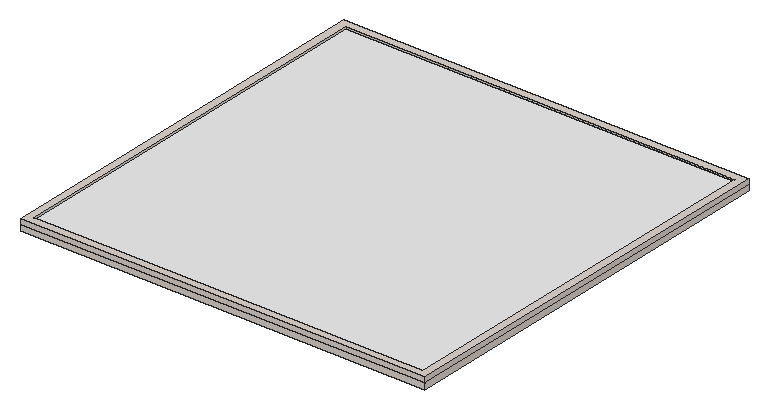
Revit family "SKY LED FLAT PANEL", category Lighting Fixtures, host Face, Revit 2020 (continued)
Types (13): name | Wattage | WATTS | built-in parameter 1150134 | Replaces/Equiv.(MH) | Photometric Web File | Order number | built-in parameter 1150142 | Model | built-in parameter 1150105 | Lumens | built-in parameter 1150107 | built-in parameter 1150106 | Fixture Width | Fixture Length | Default Elevation | Apparent Load
  SFLP24D3830 | 23.5624 W | 38 W | (empty or 0) | "2 x 32W FL" | "SFLP24D3830.IES" | "14219K" | "IESNA:LM-63-2002\r\n[TEST] \r\n[TESTLAB] EVERFINE\r\n[TESTDATE] 2018-08-07\r\n[ISSUEDATE] 2019-05-15 15:10:52\r\n[NEARFIELD] \r\n[LAMPPOSITION] 0,0\r\n[OTHER] EVERFINE GO-2000B_V1 SYSTEM\r\n[MANUFAC] Above All Lighting\r\n[LUMINAIRE] FLB 2002/1000WHQI\r\n[LAMP] 12611-SFLP24D3830\r\n[OTHER] \r\n[OTHER] Gamma(deg)    Fz(lm)      Ft(lm)     %Lum    %Lamp\r\n[OTHER]   0- 10       115.31      115.31     3.21     3.21\r\n[OTHER]  10- 20       331.94      447.25    12.46    12.46\r\n[OTHER]  20- 30       506.72      953.98    26.57    26.57\r\n[OTHER]  30- 40       614.76     1568.74    43.69    43.69\r\n[OTHER]  40- 50       640.78     2209.51    61.53    61.53\r\n[OTHER]  50- 60       581.84     2791.36    77.74    77.74\r\n[OTHER]  60- 70       446.74     3238.09    90.18    90.18\r\n[OTHER]  70- 80       261.64     3499.73    97.47    97.47\r\n[OTHER]  80- 90        75.90     3575.62    99.58    99.58\r\n[OTHER]  90-100         1.56     3577.19    99.62    99.62\r\n[OTHER] 100-110         2.06     3579.25    99.68    99.68\r\n[OTHER] 110-120         2.43     3581.67    99.75    99.75\r\n[OTHER] 120-130         2.43     3584.10    99.82    99.82\r\n[OTHER] 130-140         2.17     3586.27    99.88    99.88\r\n[OTHER] 140-150         1.82     3588.09    99.93    99.93\r\n[OTHER] 150-160         1.40     3589.49    99.97    99.97\r\n[OTHER] 160-170         0.89     3590.38    99.99    99.99\r\n[OTHER] 170-180         0.30     3590.68   100.00   100.00\r\n[OTHER] \r\nTILT=NONE\r\n1 3590.7 1 181 37 1 2 0.000 0.000 0.000\r\n1.000 1 34.3\r\n0.0    1.0    2.0    3.0    4.0    5.0    6.0    7.0    8.0    9.0    \r\n 10.0   11.0   12.0   13.0   14.0   15.0   16.0   17.0   18.0   19.0   \r\n 20.0   21.0   22.0   23.0   24.0   25.0   26.0   27.0   28.0   29.0   \r\n 30.0   31.0   32.0   33.0   34.0   35.0   36.0   37.0   38.0   39.0   \r\n 40.0   41.0   42.0   43.0   44.0   45.0   46.0   47.0   48.0   49.0   \r\n 50.0   51.0   52.0   53.0   54.0   55.0   56.0   57.0   58.0   59.0   \r\n 60.0   61.0   62.0   63.0   64.0   65.0   66.0   67.0   68.0   69.0   \r\n 70.0   71.0   72.0   73.0   74.0   75.0   76.0   77.0   78.0   79.0   \r\n 80.0   81.0   82.0   83.0   84.0   85.0   86.0   87.0   88.0   89.0   \r\n 90.0   91.0   92.0   93.0   94.0   95.0   96.0   97.0   98.0   99.0   \r\n 100.0  101.0  102.0  103.0  104.0  105.0  106.0  107.0  108.0  109.0  \r\n 110.0  111.0  112.0  113.0  114.0  115.0  116.0  117.0  118.0  119.0  \r\n 120.0  121.0  122.0  123.0  124.0  125.0  126.0  127.0  128.0  129.0  \r\n 130.0  131.0  132.0  133.0  134.0  135.0  136.0  137.0  138.0  139.0  \r\n 140.0  141.0  142.0  143.0  144.0  145.0  146.0  147.0  148.0  149.0  \r\n 150.0  151.0  152.0  153.0  154.0  155.0  156.0  157.0  158.0  159.0  \r\n 160.0  161.0  162.0  163.0  164.0  165.0  166.0  167.0  168.0  169.0  \r\n 170.0  171.0  172.0  173.0  174.0  175.0  176.0  177.0  178.0  179.0  \r\n 180.0  \r\n0.0    10.0   20.0   30.0   40.0   50.0   60.0   70.0   80.0   90.0   \r\n 100.0  110.0  120.0  130.0  140.0  150.0  160.0  170.0  180.0  190.0  \r\n 200.0  210.0  220.0  230.0  240.0  250.0  260.0  270.0  280.0  290.0  \r\n 300.0  310.0  320.0  330.0  340.0  350.0  360.0  \r\n1216.96  1217.39  1215.48  1213.67  1211.01  1208.99  1206.16  1203.56  1199.53  1196.81  \r\n 1194.22  1188.83  1184.34  1181.07  1176.09  1171.49  1165.74  1159.31  1153.69  1148.83  \r\n 1141.22  1133.66  1127.30  1118.70  1111.48  1101.91  1092.96  1083.62  1074.29  1063.43  \r\n 1053.32  1041.35  1029.89  1018.05  1004.04  990.90   978.00   963.26   947.97   934.52   \r\n 918.20   903.22   887.36   870.48   853.91   837.17   820.49   802.70   784.29   767.09   \r\n 748.23   729.81   711.26   692.20   672.79   653.89   634.68   614.39   594.58   574.91   \r\n 554.13   534.04   513.03   492.88   471.58   451.17   430.24   409.70   388.63   367.56   \r\n 346.37   325.41   304.35   283.86   263.47   242.86   223.05   202.87   184.05   164.56   \r\n 146.10   127.65   109.84   92.77    76.22    60.77    45.63    32.26    19.17    7.41     \r\n 1.07     1.07     1.14     1.22     1.30     1.37     1.44     1.52     1.59     1.66     \r\n 1.73     1.80     1.87     1.94     2.00     2.07     2.12     2.18     2.22     2.28     \r\n 2.32     2.37     2.41     2.45     2.48     2.52     2.55     2.58     2.60     2.63     \r\n 2.65     2.67     2.69     2.70     2.72     2.73     2.74     2.75     2.75     2.76     \r\n 2.76     2.77     2.77     2.77     2.77     2.77     2.77     2.78     2.78     2.78     \r\n 2.78     2.78     2.79     2.79     2.78     2.77     2.76     2.75     2.75     2.74     \r\n 2.74     2.74     2.74     2.74     2.74     2.75     2.75     2.76     2.77     2.77     \r\n 2.78     2.80     2.82     2.83     2.85     2.86     2.88     2.90     2.92     2.94     \r\n 2.96     2.98     3.00     3.02     3.03     3.05     3.06     3.07     3.08     3.08     \r\n 3.08     \r\n1216.96  1215.58  1214.45  1211.86  1210.84  1207.57  1205.79  1202.60  1200.45  1196.27  \r\n 1193.13  1188.14  1184.94  1180.30  1176.46  1169.50  1164.82  1158.55  1153.88  1148.23  \r\n 1141.62  1133.46  1125.05  1118.09  1109.47  1101.18  1093.29  1082.66  1073.12  1061.80  \r\n 1050.27  1038.66  1026.27  1014.44  1000.35  986.84   973.29   958.45   943.97   928.37   \r\n 912.29   897.09   881.36   864.92   847.51   830.45   813.55   795.64   777.87   760.29   \r\n 742.06   723.42   704.57   685.87   666.43   647.65   628.23   608.62   587.87   568.54   \r\n 548.20   527.91   507.52   487.18   466.37   445.38   425.08   403.49   383.47   361.56   \r\n 341.77   320.34   299.97   278.79   258.68   238.54   218.68   198.83   179.66   160.71   \r\n 142.06   123.99   106.43   89.40    72.91    57.92    43.25    29.74    17.04    5.51     \r\n 1.18     1.11     1.16     1.23     1.30     1.37     1.44     1.52     1.59     1.66     \r\n 1.73     1.80     1.87     1.94     2.00     2.05     2.11     2.16     2.21     2.27     \r\n 2.31     2.35     2.39     2.42     2.45     2.49     2.51     2.54     2.56     2.59     \r\n 2.60     2.62     2.63     2.65     2.66     2.67     2.67     2.68     2.68     2.68     \r\n 2.69     2.69     2.69     2.69     2.69     2.70     2.70     2.70     2.71     2.71     \r\n 2.72     2.72     2.72     2.71     2.71     2.71     2.70     2.70     2.70     2.70     \r\n 2.70     2.70     2.70     2.71     2.71     2.72     2.73     2.74     2.75     2.76     \r\n 2.77     2.79     2.81     2.83     2.85     2.87     2.89     2.90     2.92     2.95     \r\n 2.96     2.99     3.00     3.02     3.04     3.05     3.06     3.07     3.07     3.07     \r\n 3.08     \r\n1216.96  1215.25  1214.70  1212.09  1210.56  1208.54  1205.77  1203.22  1200.08  1196.22  \r\n 1194.39  1190.06  1185.68  1179.98  1175.48  1172.08  1166.59  1159.30  1153.75  1146.17  \r\n 1140.54  1133.31  1125.25  1118.21  1108.91  1100.67  1090.18  1081.25  1070.01  1060.57  \r\n 1049.80  1037.02  1025.16  1011.97  999.43   984.09   970.52   956.83   940.48   926.29   \r\n 910.36   893.99   878.78   861.33   845.03   829.04   812.04   793.85   776.14   758.05   \r\n 739.58   722.06   703.71   683.92   665.54   646.05   626.83   606.89   588.05   567.75   \r\n 547.51   527.65   507.30   486.52   465.84   445.45   424.15   403.99   383.11   362.19   \r\n 341.72   320.53   300.37   279.49   259.64   238.85   219.80   199.45   180.69   161.70   \r\n 143.46   125.23   107.68   90.68    74.44    59.01    44.11    30.63    17.31    6.21     \r\n 1.15     1.16     1.24     1.30     1.33     1.37     1.44     1.51     1.58     1.65     \r\n 1.72     1.79     1.86     1.92     1.98     2.04     2.09     2.15     2.20     2.24     \r\n 2.29     2.33     2.37     2.40     2.44     2.47     2.49     2.52     2.54     2.56     \r\n 2.58     2.59     2.60     2.62     2.62     2.63     2.64     2.65     2.65     2.65     \r\n 2.65     2.65     2.66     2.66     2.66     2.66     2.66     2.66     2.66     2.66     \r\n 2.66     2.66     2.66     2.65     2.65     2.65     2.65     2.65     2.66     2.66     \r\n 2.66     2.67     2.67     2.68     2.69     2.70     2.71     2.72     2.73     2.74     \r\n 2.76     2.77     2.79     2.81     2.83     2.85     2.87     2.89     2.91     2.93     \r\n 2.94     2.95     2.96     2.97     2.98     2.98     3.00     3.00     3.01     3.03     \r\n 3.08     \r\n1216.96  1217.87  1217.10  1215.13  1212.42  1211.46  1209.70  1205.42  1203.03  1199.56  \r\n 1196.24  1191.65  1187.21  1181.80  1177.18  1171.18  1166.39  1160.07  1152.95  1147.11  \r\n 1139.89  1132.11  1124.57  1114.88  1106.89  1097.79  1088.67  1078.45  1066.64  1056.87  \r\n 1045.31  1033.15  1020.62  1006.96  994.39   979.70   967.08   951.65   936.84   921.37   \r\n 906.23   889.64   874.70   857.88   841.25   823.77   807.72   789.71   772.26   754.05   \r\n 735.77   717.47   698.69   680.30   661.25   642.06   622.92   603.99   583.17   564.31   \r\n 543.31   523.85   502.52   482.83   461.93   441.88   421.31   399.64   379.36   358.39   \r\n 338.18   317.10   297.18   275.87   256.17   236.20   216.44   196.62   177.95   158.97   \r\n 140.68   122.60   105.31   88.41    72.32    57.27    42.59    28.81    15.78    5.20     \r\n 1.23     1.20     1.28     1.35     1.43     1.47     1.50     1.54     1.59     1.65     \r\n 1.72     1.79     1.86     1.92     1.99     2.05     2.10     2.16     2.21     2.25     \r\n 2.30     2.34     2.38     2.42     2.45     2.48     2.51     2.53     2.55     2.57     \r\n 2.59     2.61     2.62     2.62     2.63     2.64     2.64     2.65     2.65     2.65     \r\n 2.65     2.65     2.65     2.64     2.64     2.63     2.63     2.63     2.63     2.62     \r\n 2.62     2.62     2.62     2.61     2.62     2.62     2.62     2.63     2.65     2.65     \r\n 2.66     2.66     2.67     2.68     2.69     2.70     2.71     2.72     2.74     2.75     \r\n 2.77     2.79     2.81     2.83     2.85     2.85     2.87     2.88     2.89     2.90     \r\n 2.91     2.92     2.93     2.95     2.97     2.98     2.99     3.01     3.04     3.05     \r\n 3.08     \r\n1216.96  1216.39  1216.36  1215.50  1213.62  1212.10  1210.74  1207.68  1204.20  1201.52  \r\n 1196.15  1191.97  1187.78  1183.55  1178.51  1173.20  1166.71  1160.60  1152.76  1147.66  \r\n 1140.01  1131.17  1122.40  1114.63  1105.86  1095.80  1086.28  1075.62  1065.18  1055.25  \r\n 1044.09  1032.22  1019.27  1006.74  993.77   980.23   964.89   951.68   936.22   921.87   \r\n 906.56   890.71   874.67   858.04   842.44   824.52   809.35   790.58   773.39   755.55   \r\n 737.87   719.72   700.31   682.54   663.50   644.19   625.24   605.48   585.78   565.93   \r\n 545.44   525.31   505.11   484.64   463.76   443.80   422.43   402.32   381.67   360.78   \r\n 340.34   319.43   299.01   278.46   258.25   238.59   219.22   198.95   180.41   161.52   \r\n 143.46   125.41   107.84   91.00    74.70    59.37    44.28    30.49    17.04    6.17     \r\n 1.29     1.20     1.28     1.36     1.44     1.52     1.57     1.61     1.64     1.67     \r\n 1.71     1.76     1.82     1.88     1.95     2.01     2.07     2.14     2.19     2.24     \r\n 2.30     2.34     2.38     2.42     2.46     2.49     2.52     2.54     2.57     2.59     \r\n 2.60     2.62     2.63     2.64     2.65     2.65     2.66     2.66     2.67     2.66     \r\n 2.65     2.65     2.65     2.64     2.64     2.63     2.63     2.63     2.62     2.61     \r\n 2.61     2.60     2.60     2.60     2.60     2.60     2.61     2.62     2.65     2.66     \r\n 2.67     2.68     2.69     2.71     2.72     2.73     2.75     2.77     2.78     2.80     \r\n 2.81     2.83     2.84     2.85     2.86     2.88     2.89     2.90     2.91     2.93     \r\n 2.95     2.96     2.98     3.00     3.03     3.05     3.07     3.09     3.11     3.13     \r\n 3.08     \r\n1216.96  1217.24  1216.32  1215.08  1213.04  1211.50  1210.39  1206.97  1204.02  1201.08  \r\n 1195.85  1193.48  1188.04  1183.39  1176.52  1172.26  1164.94  1159.55  1151.01  1144.98  \r\n 1137.69  1129.26  1121.02  1112.68  1103.32  1092.93  1082.51  1072.56  1062.63  1051.06  \r\n 1039.13  1028.53  1015.75  1002.40  989.98   975.76   960.90   947.87   932.80   917.30   \r\n 901.80   886.37   870.39   854.46   837.54   822.01   804.15   787.57   769.11   751.96   \r\n 733.83   716.12   697.10   678.72   660.26   641.27   621.63   601.59   582.15   562.24   \r\n 542.16   521.75   501.69   481.92   460.36   440.55   419.76   398.90   378.28   357.76   \r\n 337.12   316.65   296.28   275.87   256.33   236.13   216.85   197.14   178.45   159.66   \r\n 141.56   123.52   106.38   89.50    73.28    58.25    43.37    29.25    16.34    5.17     \r\n 1.33     1.22     1.29     1.37     1.45     1.53     1.61     1.67     1.70     1.74     \r\n 1.77     1.80     1.84     1.89     1.94     2.00     2.06     2.12     2.18     2.24     \r\n 2.30     2.35     2.41     2.45     2.49     2.53     2.56     2.58     2.61     2.63     \r\n 2.65     2.67     2.68     2.69     2.70     2.70     2.71     2.71     2.71     2.71     \r\n 2.70     2.70     2.69     2.69     2.68     2.68     2.67     2.66     2.65     2.64     \r\n 2.64     2.63     2.62     2.62     2.61     2.62     2.63     2.65     2.68     2.69     \r\n 2.70     2.72     2.74     2.76     2.77     2.79     2.80     2.81     2.82     2.84     \r\n 2.86     2.87     2.88     2.89     2.91     2.92     2.94     2.96     2.98     3.01     \r\n 3.03     3.06     3.08     3.10     3.12     3.14     3.16     3.18     3.20     3.21     \r\n 3.08     \r\n1216.96  1215.00  1215.81  1215.24  1212.56  1211.28  1209.66  1206.07  1204.24  1200.27  \r\n 1195.80  1191.93  1188.04  1183.45  1176.35  1172.38  1166.27  1158.52  1151.80  1143.97  \r\n 1136.67  1129.18  1121.06  1109.90  1101.98  1092.55  1081.67  1071.38  1061.39  1048.91  \r\n 1037.51  1025.90  1012.54  1001.23  986.11   974.09   960.11   945.62   931.27   916.75   \r\n 900.41   884.90   869.35   853.21   837.25   820.67   804.08   785.80   769.18   751.39   \r\n 732.81   714.94   697.07   677.65   659.08   640.23   621.57   601.31   582.00   562.36   \r\n 542.15   522.94   501.82   481.93   461.94   441.34   420.59   400.37   379.64   358.68   \r\n 338.75   318.36   298.23   277.93   257.92   238.11   218.95   199.53   180.37   162.20   \r\n 144.27   126.35   109.00   92.36    76.00    60.58    45.49    31.27    17.90    6.41     \r\n 1.41     1.21     1.27     1.35     1.43     1.51     1.58     1.66     1.73     1.77     \r\n 1.81     1.84     1.87     1.91     1.95     1.99     2.05     2.10     2.16     2.22     \r\n 2.28     2.34     2.40     2.45     2.50     2.54     2.58     2.62     2.64     2.67     \r\n 2.68     2.71     2.72     2.73     2.75     2.75     2.76     2.76     2.76     2.76     \r\n 2.76     2.75     2.75     2.74     2.73     2.73     2.72     2.71     2.71     2.69     \r\n 2.69     2.68     2.68     2.67     2.67     2.68     2.70     2.71     2.75     2.77     \r\n 2.78     2.79     2.81     2.82     2.84     2.86     2.88     2.90     2.91     2.93     \r\n 2.95     2.97     2.99     3.00     3.03     3.04     3.07     3.10     3.12     3.15     \r\n 3.17     3.19     3.21     3.23     3.25     3.27     3.29     3.31     3.32     3.33     \r\n 3.08     \r\n1216.96  1215.32  1214.39  1214.51  1212.20  1210.70  1207.91  1205.56  1201.76  1199.07  \r\n 1195.45  1190.52  1187.40  1180.27  1174.58  1169.74  1163.79  1156.54  1149.36  1141.92  \r\n 1132.92  1125.77  1116.38  1108.22  1098.88  1089.30  1078.84  1067.90  1056.88  1045.38  \r\n 1034.65  1022.31  1009.41  995.78   982.57   969.83   955.65   940.42   926.67   910.72   \r\n 895.50   879.97   865.53   849.43   833.20   815.83   799.08   781.29   764.52   747.20   \r\n 728.80   711.52   692.16   674.32   655.68   636.67   617.97   598.27   578.36   559.63   \r\n 538.36   518.81   498.54   478.78   458.58   437.98   417.89   397.28   376.68   356.20   \r\n 336.48   315.21   295.90   275.47   255.99   236.31   216.73   197.69   179.18   160.46   \r\n 142.48   124.77   107.79   91.23    75.12    60.09    45.06    30.76    17.25    5.90     \r\n 1.38     1.19     1.25     1.33     1.42     1.50     1.58     1.66     1.75     1.80     \r\n 1
